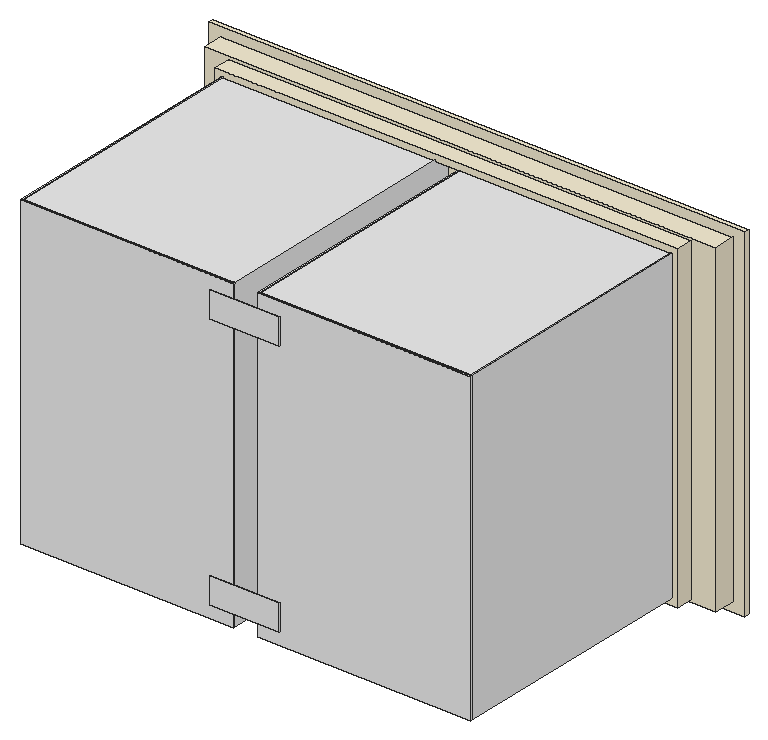
Revit family "4C-5_Door_High_Units_FL.rfa", category Specialty Equipment, host Wall, Revit 2016
Family settings
  Host = Wall
  Part Type = Normal
  Round Connector Dimension = Use Diameter
  Always vertical = Yes
  Cut with Voids When Loaded = No
  Shared = No
  Room Calculation Point = No
Parameters (values of type "3705D-08 FL")
  Width = 31.09766"
  Visible Door Number [instance] = yes
  Vertical Center Divider = yes
  Version = "2.0 (08/09/16)"
  Type Comments = "4C Standard Horizontal Mailbox - Front Loading"
  Top Back Plate = yes
  Right Inside Wall = yes
  Model = "3705D-08 FL"
  MasterFormat Title = "Postal Specialties"
  MasterFormat Number = "10 55 00"
  Manufacturer = "Salsbury Industries"
  Lock Material = Stainless Steel -Salsbury Finish =  Polished
  Left Inside Wall = yes
  Latch Locks - Right Side = no
  Latch Locks - Left Side = no
  Latch Alignment = 14.85742"
  Keynote = ""
  Height = 19.970"
  Front Panel Material [instance] = Aluminum - Salsbury Finish = Sandstone
  Door Slot R5 Number [instance] = "8"
  Door Slot R5 = 3700 Series 4C Door Configurations : MB1 Door w/ Divider
  Door Slot R4 Number [instance] = "7"
  Door Slot R4 = 3700 Series 4C Door Configurations : MB1 Door w/ Divider
  Door Slot R3 Number [instance] = "0"
  Door Slot R3 = 3700 Series 4C OM2 Configuration : OM2-FL
  Door Slot R2 Number [instance] = "0"
  Door Slot R2 = 3700 Series 4C Door Configurations : Empty
  Door Slot R1 Number [instance] = "6"
  Door Slot R1 = 3700 Series 4C Door Configurations : MB1 Door
  Door Slot L5 Number [instance] = "5"
  Door Slot L5 = 3700 Series 4C Door Configurations : MB1 Door w/ Divider
  Door Slot L4 Number [instance] = "4"
  Door Slot L4 = 3700 Series 4C Door Configurations : MB1 Door w/ Divider
  Door Slot L3 Number [instance] = "3"
  Door Slot L3 = 3700 Series 4C Door Configurations : MB1 Door w/ Divider
  Door Slot L2 Number [instance] = "2"
  Door Slot L2 = 3700 Series 4C Door Configurations : MB1 Door w/ Divider
  Door Slot L1 Number [instance] = "1"
  Door Slot L1 = 3700 Series 4C Door Configurations : MB1 Door
  Description = "5 Door High Unit: 8 MB1, OM2"
  Depth = 17.025"
  Center Extrusion Offset [instance] = 0.000"
  Bottom Back Plate = yes
  Back Enclosure Material = Aluminum - Salsbury Finish = Anodized
  Assembly Code = "C1030910"
  Above Finished Floor (AFF-Bottom of Unit) [instance] = 26.683"
  Above Finished Floor (AFF-Bottom of Door) [instance] = 28.000"
Reference planes (in)
  plane 1 "Wall Centerline": y = 0
  plane 2 "Center (Left/Right)": x = 0
  plane 3 "Front": y = 3
  plane 4 "15" AFF": z = 28
  plane 5 "28" AFF": z = 28
  plane 6 "36" AFF": z = 36
  plane 7 "48" AFF": z = 48
  plane 8 "Bottom of Unit": z = 26.683
  plane 9 "Top of Unit": z = 46.653
  plane 10 "Left Side of Unit": x = 15.54883
  plane 11 "Right Side of Unit": x = -15.54883
  plane 12 "28" AFF_Bottom of Unit": z = 26.683
  plane 13 "Top Horiz Trim Align": z = 45.82225
  plane 14 "Bottom Horiz Trim Align": z = 27.515
  plane 15 "Left Trim Align": x = 14.716
  plane 16 "Right Trim Align": x = -14.716
  plane 17 "Left Door Align": x = 14.06641
  plane 18 "Right Door Align": x = -14.06641
  plane 19 "Top Horiz Door Align": z = 45.23125
  plane 20 "Bottom Horiz Door Align": z = 28
  plane 21 "Front Face of Unit": y = 3.265
  plane 22 "Top Housing Align": z = 46.149
  plane 23 "Top Collar Align": z = 46.001
  plane 24 "Top Box Align": z = 45.646
  plane 25 "Vertical Housing Align": y = 1.795
  plane 26 "Vertical Collar Align": y = 0.795
  plane 27 "Back of Unit": y = -13.76
  plane 28 "Bottom Housing Align": z = 27.187
  plane 29 "Bottom Collar Align": z = 27.335
  plane 30 "Bottom Box Align": z = 27.75
  plane 31 "Door Alignment": y = 2.66809
  plane 32 "Right Housing Align": x = -14.84183
  plane 33 "Right Collar Align": x = -13.40883
  plane 34 "Right Box Side Align": x = -13.08083
  plane 35 "Left Housing Align": x = 14.84183
  plane 36 "Left Collar Align": x = 13.40883
  plane 37 "Left Side Box Align": x = 13.08083
  plane 38 "Top Back Plate Align": z = 44.867
  plane 39 "Back": y = -3
  plane 40 "RO Left Side": x = 15.17383
  plane 41 "RO Right Side": x = -15.17383
  plane 42 "RO Bottom": z = 27.058
  plane 43 "RO Top": z = 46.278
  plane 44 "Horiz Centerline": z = 42.04237
  plane 45: x = 12.99983
  plane 46: x = 12.92758
  plane 47 "Center Extrusion": x = 0
  plane 48 "Center Extrusion Offset": x = 0
  plane 49 "Row 2 Top Align": z = 42
  plane 50 "Row 5 Top Align": z = 31.5
  plane 51 "Row 4 Top Align": z = 35
  plane 52 "Row 3 Top Align": z = 38.5
  plane 53 "Top of base shelf": z = 28.41625
  plane 54 "base shelf void": z = 28.23439
  plane 55: z = 29.999
  plane 56: z = 28.499
  plane 57 "bottom of base shelf": z = 27.88469
  plane 58 "Right Latch Align": x = -0.69141
  plane 59 "Left Latch Align": x = 0.69141
  plane 60 "Center Latch Align": z = 36.8
Forms (in)
  Extrusion 1, void
    sketch origin (0, 3, 0) x (1, 0, 0) y (0, 0, 1)
      loop
        line (15.17383, 46.278) -> (-15.17383, 46.278) -> (-15.17383, 27.058) -> (15.17383, 27.058) -> (15.17383, 46.278)
    from 0 to 15.27914
  Extrusion 2, solid, material "Aluminum - Salsbury Finish = Sandstone" <- "Front Panel Material"
    sketch origin (0, 3, 0) x (1, 0, 0) y (0, 0, 1)
      loop
        line (15.54883, 46.653) -> (-15.54883, 46.653) -> (-15.54883, 26.683) -> (15.54883, 26.683) -> (15.54883, 46.653)
    from -0.265 to 0
  Extrusion 3, void
    sketch origin (0, 3.265, 0.00774) x (0, 0, -1) y (-1, 0, 0)
      loop
        line (-45.81451, -14.716) -> (-27.50726, -14.716) -> (-27.50726, 14.716) -> (-45.81451, 14.716) -> (-45.81451, -14.716)
    from -0.265 to 0
  Extrusion 4, solid, material "Aluminum - Salsbury Finish = Sandstone" <- "Front Panel Material"
    sketch origin (14.98214, 3.265, -1.67978) x (0, 0, -1) y (-1, 0, 0)
      loop
        line (-47.50203, 29.69814) -> (-47.50203, 29.04855) -> (-29.19478, 29.04855) -> (-29.19478, 29.69814) -> (-47.50203, 29.69814)
    from 0 to -0.265
  Extrusion 5, solid, material "Aluminum - Salsbury Finish = Sandstone" <- "Front Panel Material"
    sketch origin (0, 3.265, 84.08475) x (0, 0, 1) y (1, 0, 0)
      loop
        line (-56.56975, 14.06641) -> (-56.56975, -14.06641) -> (-56.08475, -14.06641) -> (-56.08475, 14.06641) -> (-56.56975, 14.06641)
    from -0.265 to 0
  Extrusion 6, solid, material "Aluminum - Salsbury Finish = Sandstone" <- "Front Panel Material"
    sketch origin (0, 3, 84.08475) x (1, 0, 0) y (0, 0, 1)
      loop
        line (-14.84183, -56.89775) -> (14.84183, -56.89775) -> (14.84183, -37.93575) -> (-14.84183, -37.93575) -> (-14.84183, -56.89775)
    from 0 to 1.205
  Extrusion 7, solid, material "Aluminum - Salsbury Finish = Sandstone" <- "Front Panel Material"
    sketch origin (0, 1.795, 0) x (0, 0, 1) y (-1, 0, 0)
      loop
        line (27.335, 13.40883) -> (27.335, -13.40883) -> (46.001, -13.40883) -> (46.001, 13.40883) -> (27.335, 13.40883)
    from 0 to 1
  Extrusion 8, void
    sketch origin (0, 1.795, 0) x (0, 0, 1) y (-1, 0, 0)
      loop
        line (45.646, 13.08083) -> (27.75, 13.08083) -> (27.75, -13.08083) -> (45.646, -13.08083) -> (45.646, 13.08083)
    from 0 to 1
  Extrusion 9, solid, material "Aluminum - Salsbury Finish = Sandstone" <- "Front Panel Material"
    sketch origin (0, 3.265, 0) x (0, 0, -1) y (-1, 0, 0)
      loop
        line (-45.82225, -14.716) -> (-27.515, -14.716) -> (-27.515, -14.06641) -> (-45.82225, -14.06641) -> (-45.82225, -14.716)
    from 0 to -0.265
  Extrusion 10, solid, material "Aluminum - Salsbury Finish = Sandstone" <- "Front Panel Material"
    sketch origin (0, 3.265, 0) x (0, 0, -1) y (-1, 0, 0)
      loop
        line (-45.82225, -14.06641) -> (-45.23125, -14.06641) -> (-45.23125, 14.06641) -> (-45.82225, 14.06641) -> (-45.82225, -14.06641)
    from -0.265 to 0
  Extrusion 11, void
    sketch origin (0, 1.795, 0) x (0, 0, 1) y (-1, 0, 0)
      loop
        line (46.001, -13.40883) -> (46.001, 13.40883) -> (27.335, 13.40883) -> (27.335, -13.40883) -> (46.001, -13.40883)
    from -1.124 to 0
  Extrusion 12, void
    sketch origin (0, 3, 0) x (1, 0, 0) y (0, 0, 1)
      loop
        line (14.06641, 46.001) -> (-14.06641, 46.001) -> (-14.06641, 27.335) -> (14.06641, 27.335) -> (14.06641, 46.001)
    from 0 to 0.33191
  Extrusion 13, solid, material "Aluminum - Salsbury Finish = Anodized" <- "Back Enclosure Material"
    sketch origin (-0.54283, 1.795, 0) x (0, 0, 1) y (-1, 0, 0)
      loop
        line (45.646, 12.538) -> (27.75, 12.538) -> (27.75, 12.457) -> (45.646, 12.457) -> (45.646, 12.538)
    from 0 to 15.47297
  Extrusion 14, solid, material "Aluminum - Salsbury Finish = Anodized" <- "Back Enclosure Material", visible <- "Right Inside Wall"
    sketch origin (11.7675, 1.795, 0) x (0, 0, 1) y (-1, 0, 0)
      loop
        line (45.646, 12.538) -> (27.75, 12.538) -> (27.75, 12.457) -> (45.646, 12.457) -> (45.646, 12.538)
    from 0 to 15.47297
  Extrusion 15, solid, material "Aluminum - Salsbury Finish = Anodized" <- "Back Enclosure Material"
    sketch origin (0.54283, 1.795, 0) x (0, 0, 1) y (-1, 0, 0)
      loop
        line (45.646, -12.538) -> (45.646, -12.457) -> (27.75, -12.457) -> (27.75, -12.538) -> (45.646, -12.538)
    from 0 to 15.47297
  Extrusion 16, solid, material "Aluminum - Salsbury Finish = Anodized" <- "Back Enclosure Material", visible <- "Left Inside Wall"
    sketch origin (-11.7675, 1.795, 0) x (0, 0, 1) y (-1, 0, 0)
      loop
        line (45.646, -12.538) -> (45.646, -12.457) -> (27.75, -12.457) -> (27.75, -12.538) -> (45.646, -12.538)
    from 0 to 15.47297
  Extrusion 17, solid, material "Aluminum - Salsbury Finish = Anodized" <- "Back Enclosure Material"
    sketch origin (0, -13.76, 0) x (0, 0, 1) y (-1, 0, 0)
      loop
        line (45.646, 13.08083) -> (27.75, 13.08083) -> (27.75, -13.08083) -> (45.646, -13.08083) -> (45.646, 13.08083)
    from -0.08203 to 0
  Extrusion 18, solid, material "Aluminum - Salsbury Finish = Anodized" <- "Back Enclosure Material"
    sketch origin (0, 0, 45.646) x (0, 1, 0) y (-1, 0, 0)
      loop
        line (1.795, 12.99983) -> (-13.67797, 12.99983) -> (-13.67797, -12.99983) -> (1.795, -12.99983) -> (1.795, 12.99983)
    from -0.35871 to 0
  Extrusion 19, void
    sketch origin (0, 0, 45.646) x (0, 1, 0) y (-1, 0, 0)
      loop
        line (1.7325, 12.93342) -> (-13.61547, 12.93342) -> (-13.61547, -12.92758) -> (1.7325, -12.92758) -> (1.7325, 12.93342)
    from -0.0723 to -0.6459
  Extrusion 20, solid, material "Aluminum - Salsbury Finish = Anodized" <- "Back Enclosure Material"
    sketch origin (0, 0, 27.88469) x (-1, 0, 0) y (0, -1, 0)
      loop
        line (12.99983, -1.795) -> (12.99983, 13.67797) -> (-12.99983, 13.67797) -> (-12.99983, -1.795) -> (12.99983, -1.795)
    from 0.53156 to 0
  Extrusion 21, void
    sketch origin (0, 0, 27.88469) x (-1, 0, 0) y (0, -1, 0)
      loop
        line (12.93342, -1.7325) -> (12.93342, 13.61547) -> (-12.92758, 13.61547) -> (-12.92758, -1.7325) -> (12.93342, -1.7325)
    from 0.3497 to 0
  Extrusion 22, solid, material "Aluminum - Salsbury Finish = Anodized" <- "Back Enclosure Material", visible <- "Top Back Plate"
    sketch origin (0, -13.76, 0) x (0, 0, 1) y (-1, 0, 0)
      loop
        line (44.867, 2) -> (43.367, 2) -> (43.367, -2) -> (44.867, -2) -> (44.867, 2)
    from 0 to 0.08203
  Extrusion 23, solid, material "Aluminum - Salsbury Finish = Anodized" <- "Back Enclosure Material", visible <- "Bottom Back Plate"
    sketch origin (0, -13.76, 84.11475) x (0, 0, -1) y (1, 0, 0)
      loop
        line (55.61575, -2) -> (55.61575, 2) -> (54.11575, 2) -> (54.11575, -2) -> (55.61575, -2)
    from 0 to 0.08203
  Extrusion 24, void
    sketch origin (0, 0, 0) x (0, 0, 1) y (0, 1, 0)
      loop
        line (45.646, 1.795) -> (45.82225, 1.795) -> (45.82225, 3.265) -> (27.515, 3.265) -> (27.515, 1.795) -> (27.75, 1.795) -> (27.75, -13.76) -> (45.646, -13.76) -> (45.646, 1.795)
    from -0.69141 to 0.69141
  Extrusion 25, solid, material "Aluminum - Salsbury Finish = Sandstone" <- "Front Panel Material", visible <- "Vertical Center Divider"
    sketch origin (-0.77934, 3.265, 0) x (0, 0, -1) y (-1, 0, 0)
      loop
        line (-45.82225, -1.47075) -> (-27.515, -1.47075) -> (-27.515, -0.08794) -> (-45.82225, -0.08794) -> (-45.82225, -1.47075)
    from 0 to -1.47
Cuts and joins
  Extrusion 3, Extrusion 11, Extrusion 24 cuts Extrusion 2
  Extrusion 8, Extrusion 11, Extrusion 12, Extrusion 24 cuts Extrusion 5
  Extrusion 8, Extrusion 12, Extrusion 19, Extrusion 24 cuts Extrusion 7
  Extrusion 11, Extrusion 12, Extrusion 24 cuts Extrusion 10
  Extrusion 11, Extrusion 12 cuts Extrusion 6
  Extrusion 12 cuts Extrusion 4
  Extrusion 12 cuts Extrusion 9
  Extrusion 19, Extrusion 21, Extrusion 24 cuts Extrusion 18
  Extrusion 21, Extrusion 24 cuts Extrusion 20
  Extrusion 24 cuts Extrusion 17
  Extrusion 24 cuts Extrusion 22
  Extrusion 24 cuts Extrusion 23
Lines and regions (in)
  model lines
    curve 1: line (15.54883, 3.265, 46.653) -> (14.716, 3.265, 45.82017)
    curve 2: line (-15.54883, 3.265, 46.653) -> (-14.716, 3.265, 45.82017)
    curve 3: line (-15.54883, 3.265, 26.683) -> (-14.716, 3.265, 27.51583)
    curve 4: line (15.54883, 3.265, 26.683) -> (14.716, 3.265, 27.51583)
  reference lines
    curve 5: line (-14.06641, 2.66809, 25.683) -> (-14.06641, 2.66809, 50.93425)
    curve 6: line (14.06641, 2.66809, 26.183) -> (14.06641, 2.66809, 50.93425)
Text (in)
  text "Placement Side" at (0, 40.15149, 123.01588), in view "Right"
  text "Placement Side" at (-58.6842, 42.74981, 0), in view "Ref. Level"
  text "Placement Side" at (0, 47.49176, 140.59947), in view "Left"
Dimensions and locks (in)
  locked: plane 3 "Front" to host wall
  "Above Finished Floor (AFF-Bottom of Door)": level to plane 4 "15" AFF"
  locked: level to plane 5 "28" AFF" at 28
  locked: level to plane 6 "36" AFF" at 36
  locked: level to plane 7 "48" AFF" at 48
  equal spacing: plane 11 "Right Side of Unit", plane 2 "Center (Left/Right)", plane 10 "Left Side of Unit"
  plane 8 "Bottom of Unit" to plane 4 "15" AFF" = 1.317"
  "Width": plane 11 "Right Side of Unit" to plane 10 "Left Side of Unit"
  "Height": plane 8 "Bottom of Unit" to plane 9 "Top of Unit"
  plane 12 "28" AFF_Bottom of Unit" to plane 5 "28" AFF" = 1.317"
  locked: plane 15 "Left Trim Align" to plane 10 "Left Side of Unit" at 0.83283
  locked: plane 16 "Right Trim Align" to plane 11 "Right Side of Unit" at 0.83283
  locked: plane 13 "Top Horiz Trim Align" to plane 9 "Top of Unit" at 0.83075
  locked: plane 8 "Bottom of Unit" to plane 14 "Bottom Horiz Trim Align" at 0.832
  plane 17 "Left Door Align" to plane 15 "Left Trim Align" = 0.64959"
  plane 18 "Right Door Align" to plane 16 "Right Trim Align" = 0.64959"
  locked: plane 19 "Top Horiz Door Align" to plane 13 "Top Horiz Trim Align" at 0.591
  locked: plane 14 "Bottom Horiz Trim Align" to plane 20 "Bottom Horiz Door Align" at 0.485
  plane 20 "Bottom Horiz Door Align" to level = 28.000"
  plane 5 "28" AFF" to level = 28.000"
  plane 6 "36" AFF" to level = 36.000"
  plane 7 "48" AFF" to level = 48.000"
  plane 9 "Top of Unit" to plane 8 "Bottom of Unit" = 19.970"
  plane 21 "Front Face of Unit" to host wall = 0.265"
  locked: host wall to plane 25 "Vertical Housing Align" at 1.205
  locked: plane 25 "Vertical Housing Align" to plane 26 "Vertical Collar Align" at 1
  plane 25 "Vertical Housing Align" to plane 27 "Back of Unit" = 15.555"
  "Depth": plane 21 "Front Face of Unit" to plane 27 "Back of Unit"
  locked: plane 9 "Top of Unit" to plane 22 "Top Housing Align" at 0.504
  locked: plane 22 "Top Housing Align" to plane 23 "Top Collar Align" at 0.148
  locked: plane 23 "Top Collar Align" to plane 24 "Top Box Align" at 0.355
  locked: plane 28 "Bottom Housing Align" to plane 8 "Bottom of Unit" at 0.504
  locked: plane 29 "Bottom Collar Align" to plane 28 "Bottom Housing Align" at 0.148
  locked: plane 30 "Bottom Box Align" to plane 29 "Bottom Collar Align" at 0.415
  plane 24 "Top Box Align" to plane 30 "Bottom Box Align" = 17.896"  (x2)
  locked: plane 21 "Front Face of Unit" to plane 31 "Door Alignment" at 0.59691
  plane 11 "Right Side of Unit" to plane 32 "Right Housing Align" to plane 33 "Right Collar Align" to plane 34 "Right Box Side Align" = 0.707" locked, 1.433" locked, 0.328" locked
  plane 37 "Left Side Box Align" to plane 36 "Left Collar Align" to plane 35 "Left Housing Align" to plane 10 "Left Side of Unit" = 0.328" locked, 1.433" locked, 0.707" locked
  plane 11 "Right Side of Unit" to plane 32 "Right Housing Align" to plane 33 "Right Collar Align" to plane 34 "Right Box Side Align" = 0.707", 1.433", 0.328"
  plane 37 "Left Side Box Align" to plane 36 "Left Collar Align" to plane 35 "Left Housing Align" to plane 10 "Left Side of Unit" = 0.328", 1.433", 0.707"
  plane 9 "Top of Unit" to plane 24 "Top Box Align" = 1.007"
  plane 30 "Bottom Box Align" to plane 8 "Bottom of Unit" = 1.067"
  locked: plane 24 "Top Box Align" to plane 38 "Top Back Plate Align" at 0.779
  locked: plane 40 "RO Left Side" to plane 10 "Left Side of Unit" at 0.375
  locked: plane 41 "RO Right Side" to plane 11 "Right Side of Unit" at 0.375
  locked: plane 8 "Bottom of Unit" to plane 42 "RO Bottom" at 0.375
  locked: plane 43 "RO Top" to plane 9 "Top of Unit" at 0.375
  Extrusion 13 to Extrusion 13 = 0.081"
  Extrusion 15 to Extrusion 15 = 0.081"
  plane 45 to plane 37 "Left Side Box Align" = 0.081"
  plane 46 to plane 45 = 0.07225"
  plane 18 "Right Door Align" to plane 17 "Left Door Align" = 28.13281"
  "Center Extrusion Offset": plane 47 "Center Extrusion" to plane 48 "Center Extrusion Offset"
  plane 20 "Bottom Horiz Door Align" to plane 50 "Row 5 Top Align" to plane 51 "Row 4 Top Align" to plane 52 "Row 3 Top Align" to plane 49 "Row 2 Top Align" = 3.500" locked, 3.500" locked, 3.500" locked, 3.500" locked
  plane 53 "Top of base shelf" to plane 54 "base shelf void" to plane 57 "bottom of base shelf" to plane 30 "Bottom Box Align" = 0.18186" locked, 0.3497" locked, 0.13469" locked
  plane 55 to plane 56 to plane 8 "Bottom of Unit" = 1.500" locked, 1.816" locked
  "Above Finished Floor (AFF-Bottom of Unit)": level to plane 8 "Bottom of Unit"
  locked: plane 58 "Right Latch Align" to plane 59 "Left Latch Align" at 1.38281
  plane 60 "Center Latch Align" to plane 30 "Bottom Box Align" = 9.050"
  "Latch Alignment": plane 11 "Right Side of Unit" to plane 58 "Right Latch Align"
  aligned and locked: plane 8 "Bottom of Unit" to Extrusion 2 sketch curve
  aligned and locked: plane 10 "Left Side of Unit" to Extrusion 2 sketch curve
  aligned and locked: Extrusion 2 sketch curve to plane 11 "Right Side of Unit"
  aligned and locked: Extrusion 2 sketch curve to plane 9 "Top of Unit"
  aligned and locked: plane 21 "Front Face of Unit" to Extrusion 2
  aligned and locked: Extrusion 4 to plane 16 "Right Trim Align"
  aligned and locked: plane 18 "Right Door Align" to Extrusion 4
  aligned and locked: plane 13 "Top Horiz Trim Align" to Extrusion 4
  aligned and locked: Extrusion 5 to plane 14 "Bottom Horiz Trim Align"
  aligned and locked: Extrusion 5 to plane 17 "Left Door Align"
  aligned and locked: plane 20 "Bottom Horiz Door Align" to Extrusion 5
  aligned and locked: Extrusion 5 to plane 18 "Right Door Align"
  aligned and locked: plane 34 "Right Box Side Align" to Extrusion 17 sketch curve
  aligned and locked: Extrusion 17 sketch curve to plane 24 "Top Box Align"
  aligned and locked: Extrusion 17 sketch curve to plane 37 "Left Side Box Align"
  aligned and locked: plane 30 "Bottom Box Align" to Extrusion 17 sketch curve
  aligned and locked: plane 25 "Vertical Housing Align" to Extrusion 18 sketch curve
  aligned and locked: Extrusion 18 sketch curve to plane 45
  aligned and locked: plane 46 to Extrusion 19
  aligned and locked: plane 45 to cut or joined group of Extrusion 18, Extrusion 19, Extrusion 21, Extrusion 24
  aligned and locked: plane 25 "Vertical Housing Align" to Extrusion 20 sketch curve
  aligned and locked: Extrusion 20 sketch curve to plane 45
  aligned and locked: plane 46 to cut or joined group of Extrusion 20, Extrusion 21, Extrusion 24
  aligned and locked: plane 17 "Left Door Align" to cut or joined group of Extrusion 9, Extrusion 12
  aligned and locked: plane 25 "Vertical Housing Align" to Extrusion 25
  aligned and locked: plane 21 "Front Face of Unit" to Extrusion 25
  aligned and locked: nested 6 to plane 17 "Left Door Align"
  aligned and locked: plane 31 "Door Alignment" to nested 6  (x2)
  aligned and locked: nested 7 to plane 17 "Left Door Align"
  aligned and locked: plane 31 "Door Alignment" to nested 7  (x2)
  aligned and locked: nested 5 to curve 5
  aligned and locked: nested 3 to curve 5
  aligned and locked: nested 10 to curve 6
  aligned and locked: nested 9 to curve 6
  aligned and locked: nested 8 to curve 6
  aligned and locked: nested 7 to curve 6
  aligned and locked: nested 6 to curve 6
  aligned and locked: plane 31 "Door Alignment" to nested 5
  aligned and locked: plane 31 "Door Alignment" to nested 3
  aligned and locked: plane 31 "Door Alignment" to nested 8
  aligned and locked: plane 31 "Door Alignment" to nested 10
  aligned and locked: plane 31 "Door Alignment" to nested 2
  aligned and locked: plane 31 "Door Alignment" to nested 4
  aligned and locked: nested 1 to curve 5
  aligned and locked: nested 2 to curve 5
  aligned and locked: nested 4 to curve 5
  aligned and locked: plane 31 "Door Alignment" to nested 1
  aligned and locked: cut or joined group of Extrusion 23, Extrusion 24 to plane 56
  aligned and locked: plane 53 "Top of base shelf" to cut or joined group of Extrusion 20, Extrusion 21, Extrusion 24
  aligned and locked: cut or joined group of Extrusion 20, Extrusion 21, Extrusion 24 to plane 57 "bottom of base shelf"
  aligned and locked: plane 20 "Bottom Horiz Door Align" to nested 5
  aligned and locked: plane 20 "Bottom Horiz Door Align" to nested 10
  aligned and locked: plane 50 "Row 5 Top Align" to nested 4
  aligned and locked: plane 50 "Row 5 Top Align" to nested 9
  aligned and locked: plane 51 "Row 4 Top Align" to nested 3
  aligned and locked: plane 51 "Row 4 Top Align" to nested 8
  aligned and locked: plane 52 "Row 3 Top Align" to nested 2
  aligned and locked: plane 52 "Row 3 Top Align" to nested 7
  aligned and locked: plane 49 "Row 2 Top Align" to nested 1
  aligned and locked: plane 49 "Row 2 Top Align" to nested 6
  aligned and locked: plane 31 "Door Alignment" to nested 9
  aligned and locked: nested 12 to plane 27 "Back of Unit"
  aligned and locked: nested 11 to plane 27 "Back of Unit"
  aligned and locked: plane 60 "Center Latch Align" to nested 12
  aligned and locked: plane 60 "Center Latch Align" to nested 11
  aligned and locked: plane 59 "Left Latch Align" to nested 12
  aligned and locked: plane 58 "Right Latch Align" to nested 11
Automatic sketch dimensions
  Extrusion 1 sketch curve to plane 41 "RO Right Side" = 0.000"
  plane 40 "RO Left Side" to Extrusion 1 sketch curve = 0.000"
  Extrusion 1 sketch curve to plane 42 "RO Bottom" = 0.000"
  Extrusion 1 sketch curve to plane 43 "RO Top" = 0.000"
  Extrusion 6 sketch curve to plane 22 "Top Housing Align" = 0.000"
  Extrusion 6 sketch curve to plane 32 "Right Housing Align" = 0.000"
  Extrusion 6 sketch curve to plane 35 "Left Housing Align" = 0.000"
  Extrusion 6 sketch curve to plane 28 "Bottom Housing Align" = 0.000"
  Extrusion 7 sketch curve to plane 29 "Bottom Collar Align" = 0.000"
  Extrusion 7 sketch curve to plane 23 "Top Collar Align" = 0.000"
  plane 36 "Left Collar Align" to Extrusion 7 sketch curve = 0.000"
  Extrusion 7 sketch curve to plane 33 "Right Collar Align" = 0.000"
  Extrusion 8 sketch curve to plane 30 "Bottom Box Align" = 0.000"
  Extrusion 8 sketch curve to plane 24 "Top Box Align" = 0.000"
  Extrusion 8 sketch curve to plane 37 "Left Side Box Align" = 0.000"
  plane 34 "Right Box Side Align" to Extrusion 8 sketch curve = 0.000"
  Extrusion 11 sketch curve to plane 29 "Bottom Collar Align" = 0.000"
  Extrusion 11 sketch curve to plane 23 "Top Collar Align" = 0.000"
  plane 36 "Left Collar Align" to Extrusion 11 sketch curve = 0.000"
  plane 33 "Right Collar Align" to Extrusion 11 sketch curve = 0.000"
  Extrusion 13 sketch curve to plane 30 "Bottom Box Align" = 0.000"
  Extrusion 13 sketch curve to plane 24 "Top Box Align" = 0.000"
  plane 34 "Right Box Side Align" to Extrusion 13 sketch curve = 0.000"
  Extrusion 13 sketch curve to Extrusion 13 sketch curve = 0.081"
  Extrusion 15 sketch curve to plane 30 "Bottom Box Align" = 0.000"
  Extrusion 15 sketch curve to plane 24 "Top Box Align" = 0.000"
  plane 37 "Left Side Box Align" to Extrusion 15 sketch curve = 0.000"
  plane 37 "Left Side Box Align" to Extrusion 15 sketch curve = 0.081"
  Extrusion 18 sketch curve to plane 27 "Back of Unit" = 0.08203"
  plane 34 "Right Box Side Align" to Extrusion 18 sketch curve = 0.081"
  curve 2 to plane 9 "Top of Unit" = 0.000"
  curve 1 to plane 9 "Top of Unit" = 0.000"
  curve 2 to plane 16 "Right Trim Align" = 0.000"
  plane 15 "Left Trim Align" to curve 1 = 0.000"
  curve 3 to plane 16 "Right Trim Align" = 0.000"
  plane 15 "Left Trim Align" to curve 4 = 0.000"
  curve 4 to plane 8 "Bottom of Unit" = 0.000"
  curve 3 to plane 8 "Bottom of Unit" = 0.000"
  plane 10 "Left Side of Unit" to curve 4 = 0.000"
  plane 10 "Left Side of Unit" to curve 1 = 0.000"
  plane 11 "Right Side of Unit" to curve 3 = 0.000"
  plane 11 "Right Side of Unit" to curve 2 = 0.000"
  curve 2 to plane 13 "Top Horiz Trim Align" = 0.00208"
  curve 1 to plane 13 "Top Horiz Trim Align" = 0.00208"
  plane 14 "Bottom Horiz Trim Align" to curve 3 = 0.00083"
  plane 14 "Bottom Horiz Trim Align" to curve 4 = 0.00083"
  Extrusion 3 sketch curve to plane 13 "Top Horiz Trim Align" = 0.000"
  Extrusion 3 sketch curve to plane 14 "Bottom Horiz Trim Align" = 0.000"
  plane 15 "Left Trim Align" to Extrusion 3 sketch curve = 0.000"
  Extrusion 3 sketch curve to plane 16 "Right Trim Align" = 0.000"
  plane 13 "Top Horiz Trim Align" to Extrusion 4 sketch curve = 0.000"
  plane 14 "Bottom Horiz Trim Align" to Extrusion 4 sketch curve = 0.000"
  Extrusion 4 sketch curve to plane 16 "Right Trim Align" = 0.000"
  Extrusion 4 sketch curve to plane 18 "Right Door Align" = 0.000"
  Extrusion 5 sketch curve to plane 14 "Bottom Horiz Trim Align" = 0.000"
  Extrusion 5 sketch curve to plane 4 "15" AFF" = 0.000"
  plane 17 "Left Door Align" to Extrusion 5 sketch curve = 0.000"
  Extrusion 5 sketch curve to plane 18 "Right Door Align" = 0.000"
  Extrusion 9 sketch curve to plane 13 "Top Horiz Trim Align" = 0.000"
  Extrusion 9 sketch curve to plane 14 "Bottom Horiz Trim Align" = 0.000"
  plane 15 "Left Trim Align" to Extrusion 9 sketch curve = 0.000"
  plane 17 "Left Door Align" to Extrusion 9 sketch curve = 0.000"
  Extrusion 10 sketch curve to plane 13 "Top Horiz Trim Align" = 0.000"
  plane 17 "Left Door Align" to Extrusion 10 sketch curve = 0.000"
  Extrusion 10 sketch curve to plane 18 "Right Door Align" = 0.000"
  Extrusion 10 sketch curve to plane 19 "Top Horiz Door Align" = 0.000"
  Extrusion 12 sketch curve to plane 18 "Right Door Align" = 0.000"
  plane 17 "Left Door Align" to Extrusion 12 sketch curve = 0.000"
  Extrusion 12 sketch curve to plane 29 "Bottom Collar Align" = 0.000"
  Extrusion 12 sketch curve to plane 23 "Top Collar Align" = 0.000"
  Extrusion 14 sketch curve to plane 30 "Bottom Box Align" = 0.000"
  Extrusion 14 sketch curve to plane 24 "Top Box Align" = 0.000"
  Extrusion 14 sketch curve to plane 2 "Center (Left/Right)" = 0.6895"
  Extrusion 14 sketch curve to Extrusion 14 sketch curve = 0.081"
  Extrusion 16 sketch curve to plane 30 "Bottom Box Align" = 0.000"
  Extrusion 16 sketch curve to plane 24 "Top Box Align" = 0.000"
  Extrusion 16 sketch curve to plane 2 "Center (Left/Right)" = 0.6895"
  Extrusion 16 sketch curve to Extrusion 16 sketch curve = 0.081"
  Extrusion 19 sketch curve to plane 46 = 0.000"
  Extrusion 19 sketch curve to plane 27 "Back of Unit" = 0.14453"
  plane 25 "Vertical Housing Align" to Extrusion 19 sketch curve = 0.0625"
  plane 34 "Right Box Side Align" to Extrusion 19 sketch curve = 0.14741"
  Extrusion 22 sketch curve to plane 38 "Top Back Plate Align" = 0.000"
  plane 38 "Top Back Plate Align" to Extrusion 22 sketch curve = 1.500"
  plane 2 "Center (Left/Right)" to Extrusion 22 sketch curve = 2.000"
  Extrusion 22 sketch curve to plane 2 "Center (Left/Right)" = 2.000"
  Extrusion 23 sketch curve to plane 2 "Center (Left/Right)" = 2.000"
  plane 2 "Center (Left/Right)" to Extrusion 23 sketch curve = 2.000"
  Extrusion 24 sketch curve to plane 14 "Bottom Horiz Trim Align" = 0.000"
  Extrusion 24 sketch curve to plane 25 "Vertical Housing Align" = 0.000"  (x2)
  Extrusion 24 sketch curve to plane 30 "Bottom Box Align" = 0.000"
  Extrusion 24 sketch curve to plane 24 "Top Box Align" = 0.000"
  Extrusion 24 sketch curve to plane 13 "Top Horiz Trim Align" = 0.000"
  Extrusion 24 sketch curve to plane 27 "Back of Unit" = 0.000"
  Extrusion 24 sketch curve to plane 21 "Front Face of Unit" = 0.000"
  Extrusion 25 sketch curve to plane 13 "Top Horiz Trim Align" = 0.000"
  Extrusion 25 sketch curve to plane 14 "Bottom Horiz Trim Align" = 0.000"
  plane 2 "Center (Left/Right)" to Extrusion 25 sketch curve = 0.69141"
  Extrusion 25 sketch curve to plane 2 "Center (Left/Right)" = 0.69141"
  curve 5 to plane 18 "Right Door Align" = 0.000"
  plane 17 "Left Door Align" to curve 6 = 0.000"
  curve 5 to plane 8 "Bottom of Unit" = 1.000"
  curve 6 to plane 8 "Bottom of Unit" = 0.500"
  plane 9 "Top of Unit" to curve 6 = 4.28125"
  plane 9 "Top of Unit" to curve 5 = 4.28125"
  Extrusion 23 sketch curve to plane 4 "15" AFF" = 0.499"
  Extrusion 23 sketch curve to Extrusion 23 sketch curve = 1.500"
  plane 34 "Right Box Side Align" to Extrusion 20 sketch curve = 0.081"
  Extrusion 20 sketch curve to plane 27 "Back of Unit" = 0.08203"
  Extrusion 21 sketch curve to plane 46 = 0.000"
  plane 34 "Right Box Side Align" to Extrusion 21 sketch curve = 0.14741"
  plane 25 "Vertical Housing Align" to Extrusion 21 sketch curve = 0.0625"
  Extrusion 21 sketch curve to plane 27 "Back of Unit" = 0.14453"
Nested families (in)
  nested 1: "3700 Series 4C Door Configurations" at (-7.37891, 2.79505, 42) x (-1, 0, 0) z (0, 0, 1), type <- "Door Slot R1", Door Number <- "Door Slot R1 Number", type "MB1 Door"
    with Door Number "6"
  nested 2: "3700 Series 4C Door Configurations" at (-7.37891, 2.79505, 38.5) x (-1, 0, 0) z (0, 0, 1), type <- "Door Slot R2", Door Number <- "Door Slot R2 Number", type "Empty"
    with Door Number "0"
  nested 3: "3700 Series 4C OM2 Configuration" at (-7.37891, 2.79505, 35) x (-1, 0, 0) z (0, 0, 1), type <- "Door Slot R3", Door Number <- "Door Slot R3 Number", type "OM2-FL"
    with Door Number "0"
  nested 4: "3700 Series 4C Door Configurations" at (-7.37891, 2.79505, 31.5) x (-1, 0, 0) z (0, 0, 1), type <- "Door Slot R4", Door Number <- "Door Slot R4 Number", type "MB1 Door w/ Divider"
    with Door Number "7"
  nested 5: "3700 Series 4C Door Configurations" at (-7.37891, 2.79505, 28) x (-1, 0, 0) z (0, 0, 1), type <- "Door Slot R5", Door Number <- "Door Slot R5 Number", type "MB1 Door w/ Divider"
    with Door Number "8"
  nested 6: "3700 Series 4C Door Configurations" at (7.37891, 2.79505, 42) x (-1, 0, 0) z (0, 0, 1), type <- "Door Slot L1", Door Number <- "Door Slot L1 Number", type "MB1 Door"
    with Door Number "1"
  nested 7: "3700 Series 4C Door Configurations" at (7.37891, 2.79505, 38.5) x (-1, 0, 0) z (0, 0, 1), type <- "Door Slot L2", Door Number <- "Door Slot L2 Number", type "MB1 Door w/ Divider"
    with Door Number "2"
  nested 8: "3700 Series 4C Door Configurations" at (7.37891, 2.79505, 35) x (-1, 0, 0) z (0, 0, 1), type <- "Door Slot L3", Door Number <- "Door Slot L3 Number", type "MB1 Door w/ Divider"
    with Door Number "3"
  nested 9: "3700 Series 4C Door Configurations" at (7.37891, 2.79505, 31.5) x (-1, 0, 0) z (0, 0, 1), type <- "Door Slot L4", Door Number <- "Door Slot L4 Number", type "MB1 Door w/ Divider"
    with Door Number "4"
  nested 10: "3700 Series 4C Door Configurations" at (7.37891, 2.79505, 28) x (-1, 0, 0) z (0, 0, 1), type <- "Door Slot L5", Door Number <- "Door Slot L5 Number", type "MB1 Door w/ Divider"
    with Door Number "5"
  nested 11: "4C Latch Lock-Right" at (-1.81641, -13.882, 36.1125) x (-1, 0, 0) z (0, 0, 1), type "Lock Latch"
    with Visible Latch no
  nested 12: "4C Latch Lock-Left" at (1.81641, -13.882, 36.1125) x (-1, 0, 0) z (0, 0, 1), type "Lock Latch"
    with Visible Latch no
Definition of nested family "3700 Series 4C Door Configurations"
  Parameters (values of type "MB1 Door w/ Divider")
    Weight = "5 lbs."
    Visible Door Number = yes
    URL = ""
    Model = "3700MB1"
    Manufacturer = "Salsbury Industries"
    Lock Material = none
    Inset Offset = 0.000"
    Front Panel Material = none
    Door Width = 13.375"
    Door Visibility-MB1 = yes
    Door Number [instance] = "101"
    Door Lock = yes
    Door Height = 3.23047"
    Door Divider = yes
    Door Depth = 0.25391"
    Description = "MB1 Door for 3700 Series 4C Mailboxes"
    Cost = 0
    Center Lock-Vertical = 0.875"
    Center Lock-Horizontal = 1.61523"
  Types (11): name | Weight | Visible Door Number | Model | Inset Offset | Door Visibility-MB1 | Door Lock | Door Height | Door Divider | Description
    MB1 Door w/ Divider | "5 lbs." | yes | "3700MB1" | 0.000" | yes | yes | 3.23047" | yes | "MB1 Door for 3700 Series 4C Mailboxes"
    MB1 Door | "5 lbs." | yes | "3700MB1" | 0.000" | yes | yes | 3.23047" | no | "MB1 Door for 3700 Series 4C Mailboxes"
    MB2 Door | "10 lbs." | yes | "3700MB2" | 0.000" | yes | yes | 6.73047" | no | "MB2 Door for 3700 Series 4C Mailboxes"
    MB2 Door w/ Divider | "10 lbs." | yes | "3700MB2" | 0.000" | yes | yes | 6.73047" | yes | "MB2 Door for 3700 Series 4C Mailboxes"
    MB3 Door | "15 lbs." | yes | "3700MB3" | 0.000" | yes | yes | 10.23047" | no | "MB3 Door for 3700 Series 4C Mailboxes"
    MB3 Door w/ Divider | "15 lbs." | yes | "3700MB3" | 0.000" | yes | yes | 10.23047" | yes | "MB3 Door for 3700 Series 4C Mailboxes"
    MB4 Door | "20 lbs." | yes | "3700MB4" | 0.000" | yes | yes | 13.73047" | no | "MB4 Door for 3700 Series 4C Mailboxes"
    MB4 Door w/ Divider | "20 lbs." | yes | "3700MB4" | 0.000" | yes | yes | 13.73047" | yes | "MB4 Door for 3700 Series 4C Mailboxes"
    Blank Door | "5 lbs." | no | "3700MB1" | 0.18359" | yes | no | 3.23047" | no | "MB1 Door for 3700 Series 4C Mailboxes"
    Blank Door w/ Divider | "5 lbs." | no | "3700MB1" | 0.18402" | yes | no | 3.23047" | yes | "MB1 Door for 3700 Series 4C Mailboxes"
    Empty | "5 lbs." | no | "Empty MB1" | 0.18359" | no | no | 3.23047" | no | "Empty MB1 Door for 3700 Series 4C Mailboxes"
  Reference planes (in)
    plane 1 "Center (Front/Back)": y = 0
    plane 2 "Bottom of Door": z = 0
    plane 3 "Center (Left/Right)": x = 0
    plane 4 "Left Side Face of Door": x = -6.6875
    plane 5 "Right Side Face of Door": x = 6.6875
    plane 6 "Back Face of Door": y = 0.12695
    plane 7 "Front Face of Door": y = -0.12695
    plane 8: z = 3.23047
    plane 9: z = 1.61523
    plane 10 "Face of Divider": y = -0.46995
    plane 11 "Center Lock Vertical": x = -5.8125
    plane 12 "Center Lock Horizontal": z = 1.61523
    plane 13 "Face of Lock": y = -0.42383
    plane 14 "Divider Height Align": z = 3.50047
    plane 15 "Inset Center": x = -0.0975
    plane 16 "Inset Offset": y = -0.12695
    plane 17: z = 1.99038
    plane 18: z = 1.24072
  Forms (in)
    Extrusion 1, solid, material <- "Front Panel Material", visible <- "Door Visibility-MB1"
      sketch origin (0, 0, 0) x (1, 0, 0) y (0, 1, 0)
        loop
          line (-6.4355, 0.12695) -> (-6.6875, -0.05445) -> (-6.6875, -0.12695) -> (6.05625, -0.12695)
          arc (6.05625, -0.12695) -> (6.19558, -0.17661) -> (6.27209, -0.3032) r 0.22029
          arc (6.27209, -0.3032) -> (6.3553, -0.42132) -> (6.4925, -0.46664) r 0.23034
          arc (6.4925, -0.46664) -> (6.63039, -0.40952) -> (6.6875, -0.27164) r 0.195
          line (6.6875, -0.27164) -> (6.6875, 0.12695) -> (-6.4355, 0.12695)
      from 0 to 3.23047
    Blend 2, solid, material <- "Lock Material", visible <- "Door Lock"
      base sketch origin (0, -0.12695, 0) x (-1, 0, 0) y (0, 0, 1)
        loop
          circle (5.8125, 1.61523) r 0.525
      top sketch origin (0, -0.12695, 0) x (-1, 0, 0) y (0, 0, 1)
        loop
          circle (5.8125, 1.61523) r 0.485
      from 0 to -0.29688
    Extrusion 3, solid, material <- "Front Panel Material", visible <- "Door Divider"
      sketch origin (0, 0, 3.50047) x (-1, 0, 0) y (0, -1, 0)
        loop
          line (6.6875, -0.12695) -> (6.6875, 0.46995) -> (-6.6875, 0.46995) -> (-6.6875, -0.12695) -> (6.6875, -0.12695)
      from -0.27 to 0
    Extrusion 4, void
      sketch origin (0, -0.42383, 0) x (1, 0, 0) y (0, 0, 1)
        loop
          circle (-5.8125, 1.49523) r 0.285
      from 0 to -0.01562
    Extrusion 5, void
      sketch origin (0, -0.42383, 0) x (1, 0, 0) y (0, 0, 1)
        loop
          line (-5.84183, 1.62353) -> (-5.84183, 1.32353) -> (-5.78183, 1.32353) -> (-5.78183, 1.62353) -> (-5.84183, 1.62353)
      from 0 to -0.03906
    Extrusion 6, void
      sketch origin (0, -0.12695, 0) x (0, 0, 1) y (-1, 0, 0)
        loop
          arc (2.36523, 0.8475) -> (2.32862, 0.93589) -> (2.24023, 0.9725) r 0.125
          line (2.24023, 0.9725) -> (0.99023, 0.9725)
          arc (0.99023, 0.9725) -> (0.90185, 0.93589) -> (0.86523, 0.8475) r 0.125
          line (0.86523, 0.8475) -> (0.86523, -0.6525)
          arc (0.86523, -0.6525) -> (0.90185, -0.74089) -> (0.99023, -0.7775) r 0.125
          line (0.99023, -0.7775) -> (2.24023, -0.7775)
          arc (2.24023, -0.7775) -> (2.32862, -0.74089) -> (2.36523, -0.6525) r 0.125
          line (2.36523, -0.6525) -> (2.36523, 0.8475)
      from 0 to -0.03906
  Cuts and joins
    Extrusion 4, Extrusion 5 cuts Blend 2
    Extrusion 6 cuts Extrusion 1
  Dimensions and locks (in)
    equal spacing: plane 6 "Back Face of Door", plane 1 "Center (Front/Back)", plane 7 "Front Face of Door"
    "Door Depth": plane 6 "Back Face of Door" to plane 7 "Front Face of Door"
    equal spacing: plane 4 "Left Side Face of Door", plane 3 "Center (Left/Right)", plane 5 "Right Side Face of Door"  (x2)
    "Door Width": plane 4 "Left Side Face of Door" to plane 5 "Right Side Face of Door"
    locked: plane 7 "Front Face of Door" to plane 10 "Face of Divider" at 0.343
    "Center Lock-Vertical": plane 4 "Left Side Face of Door" to plane 11 "Center Lock Vertical"
    "Inset Offset": plane 16 "Inset Offset" to plane 7 "Front Face of Door"
    plane 4 "Left Side Face of Door" to plane 5 "Right Side Face of Door" = 13.375"
    plane 6 "Back Face of Door" to plane 10 "Face of Divider" = 0.59691"
    "Door Height": plane 8 to plane 2 "Bottom of Door"
    equal spacing: plane 8, plane 9, plane 2 "Bottom of Door"
    locked: plane 14 "Divider Height Align" to plane 8 at 0.27
    plane 17 to plane 9 to plane 18 = 0.37515" locked, 0.37452" locked
    aligned and locked: level to plane 2 "Bottom of Door"
    aligned and locked: plane 4 "Left Side Face of Door" to Extrusion 1
    aligned and locked: plane 6 "Back Face of Door" to Extrusion 1
    aligned and locked: plane 7 "Front Face of Door" to Extrusion 1
    aligned and locked: plane 8 to Extrusion 1
    aligned and locked: Extrusion 3 sketch curve to plane 4 "Left Side Face of Door"
    aligned and locked: Extrusion 3 sketch curve to plane 6 "Back Face of Door"
    aligned and locked: plane 5 "Right Side Face of Door" to Extrusion 3 sketch curve
    aligned and locked: Extrusion 3 to plane 8
    aligned and locked: plane 10 "Face of Divider" to Extrusion 3 sketch curve
    aligned and locked: plane 14 "Divider Height Align" to Extrusion 3
    aligned and locked: cut or joined group of Extrusion 1, Extrusion 6 to plane 2 "Bottom of Door"
    aligned and locked: plane 18 to text3d elem
  Automatic sketch dimensions
    Extrusion 1 sketch curve to plane 4 "Left Side Face of Door" = 0.000"
    Extrusion 1 sketch curve to plane 6 "Back Face of Door" = 0.000"
    Extrusion 1 sketch curve to plane 7 "Front Face of Door" = 0.000"
    Extrusion 1 sketch curve to plane 5 "Right Side Face of Door" = 0.000"
    Extrusion 1 sketch curve to plane 4 "Left Side Face of Door" = 0.252"
    plane 5 "Right Side Face of Door" to Extrusion 1 sketch curve = 0.63125"
    Extrusion 1 sketch curve to plane 7 "Front Face of Door" = 0.10935"
    plane 5 "Right Side Face of Door" to Extrusion 1 sketch curve = 0.195"
    Extrusion 1 sketch curve to plane 7 "Front Face of Door" = 0.14468"
    plane 10 "Face of Divider" to Extrusion 1 sketch curve = 0.12271"
    plane 1 "Center (Front/Back)" to Extrusion 1 sketch curve = 0.05445"
    plane 10 "Face of Divider" to Extrusion 1 sketch curve = 0.16676"
    Blend 2 sketch curve to plane 9 = 0.000"  (x2)
    plane 11 "Center Lock Vertical" to Blend 2 sketch curve = 0.000"  (x2)
    plane 11 "Center Lock Vertical" to Extrusion 4 sketch curve = 0.000"
    Extrusion 4 sketch curve to plane 9 = 0.120"
    Extrusion 4 sketch curve to Extrusion 4 sketch curve = 0.285"
    plane 11 "Center Lock Vertical" to Extrusion 5 sketch curve = 0.02933"
    Extrusion 5 sketch curve to plane 11 "Center Lock Vertical" = 0.03067"
    Extrusion 5 sketch curve to plane 9 = 0.2917"
    plane 9 to Extrusion 5 sketch curve = 0.0083"
    Extrusion 6 sketch curve to plane 9 = 0.750"
    Extrusion 6 sketch curve to Extrusion 6 sketch curve = 0.125"  (x3)
    plane 9 to Extrusion 6 sketch curve = 0.625"  (x2)
    plane 3 "Center (Left/Right)" to Extrusion 6 sketch curve = 0.7775"
    plane 15 "Inset Center" to Extrusion 6 sketch curve = 0.750"
    radius of Blend 2 sketch curve = 0.525"
    radius of Blend 2 sketch curve = 0.485"
Definition of nested family "3700 Series 4C OM2 Configuration"
  Parameters (values of type "OM2-FL")
    Weight = ""
    URL = ""
    Access Lock Offset = 0.000"
    Access Lock = yes
    Model = "3700OM2-FL"
    Manufacturer = "Salsbury Industries"
    Lock Material = none
    Front Panel Material = none
    Door Width = 13.375"
    Door Number [instance] = "101"
    Door Height = 7.00047"
    Door Depth = 0.25391"
    Description = "OM2 Door for 3700 Series 4C Mailboxes-Front Loading"
    Cost = 0
    Center Lock-Vertical = 2.360"
    Center Lock-Horizontal = 1.61523"
  Types (3): name | Access Lock Offset | Access Lock | Model | Description
    (no name) | 0.000" | yes | "3700OM2-FL" | "OM2 Door for 3700 Series 4C Mailboxes-Front Loading"
    OM2-FL | 0.000" | yes | "3700OM2-FL" | "OM2 Door for 3700 Series 4C Mailboxes-Front Loading"
    OM2-RL | 0.3125" | no | "3700OM2-RL" | "OM2 Door for 3700 Series 4C Mailboxes-Rear Loading"
  Reference planes (in)
    plane 1 "Center (Front/Back)": y = 0
    plane 2 "Bottom of Door": z = 0
    plane 3 "Center (Left/Right)": x = 0
    plane 4 "Left Side Face of Door": x = -6.6875
    plane 5 "Right Side Face of Door": x = 6.6875
    plane 6 "Back Face of Door": y = 0.12695
    plane 7 "Front Face of Door": y = -0.12695
    plane 8: z = 3.23047
    plane 9: z = 1.61523
    plane 10: y = -0.46995
    plane 11 "Center Lock Vertical": x = -4.3275
    plane 12 "Center Lock Horizontal": z = 1.61523
    plane 13 "Face of Lock": y = -0.42383
    plane 14 "Divider Height Align": z = 3.50047
    plane 15 "Plate Center": x = -0.16063
    plane 16 "Left Stud Align": x = -5.7025
    plane 17 "Right Stud Align": x = -2.8895
    plane 18 "Top Stud Align": z = 2.27147
    plane 19 "Bottom Stud Align": z = 0.95947
    plane 20 "Hinge Stud Align": x = 5.6875
    plane 21 "Mail Plate Top": z = 2.61547
    plane 22 "Mail Plate Bottom": z = 0.61547
    plane 23: x = -2.1595
    plane 24: x = 1.8405
    plane 25 "Face of Mail Plate": y = -0.16602
    plane 26 "Top of Mail Drop Door": z = 6.73094
    plane 27 "Top of Mail Drop Divider": z = 7.00047
    plane 28 "Face of Mail Drop": y = -0.31995
    plane 29 "Top of Mail Slot": z = 6.42087
    plane 30 "Bottom of Mail Slot": z = 5.67087
    plane 31 "Left Edge of Mail Slot": x = -5.3755
    plane 32 "Right Edge of Mail Slot": x = 5.3755
    plane 33 "Mail Slot Bottom Protusion": z = 6.50987
    plane 34: y = -0.49395
    plane 35: z = 6.15637
    plane 36 "Front of Awning": y = -1.63495
    plane 37: y = -1.15685
    plane 38 "Mail Slot Slope": through (-240, -0.44582, 6.9722) normal (0, -0.5, 0.866)
    plane 39 "Access Lock Offset": y = 0.12695
  Forms (in)
    Extrusion 1, solid, material <- "Front Panel Material"
      sketch origin (0, 0, 0) x (1, 0, 0) y (0, 1, 0)
        loop
          line (-6.4355, 0.12695) -> (-6.6875, -0.05445) -> (-6.6875, -0.12695) -> (6.05625, -0.12695)
          arc (6.05625, -0.12695) -> (6.19558, -0.17661) -> (6.27209, -0.3032) r 0.22029
          arc (6.27209, -0.3032) -> (6.3553, -0.42132) -> (6.4925, -0.46664) r 0.23034
          arc (6.4925, -0.46664) -> (6.63039, -0.40952) -> (6.6875, -0.27164) r 0.195
          line (6.6875, -0.27164) -> (6.6875, 0.12695) -> (-6.4355, 0.12695)
      from 0 to 3.23047
    Extrusion 2, solid, material <- "Front Panel Material"
      sketch origin (0, 0, 3.50047) x (-1, 0, 0) y (0, -1, 0)
        loop
          line (6.6875, -0.12695) -> (6.6875, 0.46995) -> (-6.6875, 0.46995) -> (-6.6875, -0.12695) -> (6.6875, -0.12695)
      from -0.27 to 0
    Extrusion 3, void
      sketch origin (0, 0.12695, 0) x (0, 0, -1) y (-1, 0, 0)
        loop
          circle (-1.61523, 4.3275) r 0.4375
      from 0 to -0.25391
    Extrusion 4, solid, material <- "Lock Material", visible <- "Access Lock"
      sketch origin (0, 0.12695, 0) x (0, 0, -1) y (-1, 0, 0)
        loop
          circle (-1.61523, 4.3275) r 0.42913
      from 0 to -0.25391
    Extrusion 5, void
      sketch origin (0, 0.12695, 3.4) x (-1, 0, 0) y (0, 0, 1)
        loop
          line (4.3568, -1.47517) -> (4.2982, -1.47517) -> (4.2982, -2.09436) -> (4.3568, -2.09436) -> (4.3568, -1.47517)
      from -0.12695 to -0.25391
    Blend 6, solid, material <- "Front Panel Material"
      base sketch origin (0, -0.12695, 2.68123) x (-1, 0, 0) y (0, 0, 1)
        loop
          circle (5.7025, -0.40977) r 0.15665
      top sketch origin (0, -0.12695, 2.68123) x (-1, 0, 0) y (0, 0, 1)
        loop
          circle (5.7025, -0.40977) r 0.3125
      from -0.11328 to 0
    Blend 7, solid, material <- "Front Panel Material"
      base sketch origin (1.3125, -0.12695, 2.68123) x (-1, 0, 0) y (0, 0, 1)
        loop
          circle (4.202, -0.40977) r 0.15665
      top sketch origin (1.3125, -0.12695, 2.68123) x (-1, 0, 0) y (0, 0, 1)
        loop
          circle (4.202, -0.40977) r 0.3125
      from -0.11328 to 0
    Blend 8, solid, material <- "Front Panel Material"
      base sketch origin (0, -0.12695, 1.36923) x (-1, 0, 0) y (0, 0, 1)
        loop
          circle (5.7025, -0.40977) r 0.15665
      top sketch origin (0, -0.12695, 1.36923) x (-1, 0, 0) y (0, 0, 1)
        loop
          circle (5.7025, -0.40977) r 0.3125
      from -0.11328 to 0
    Blend 9, solid, material <- "Front Panel Material"
      base sketch origin (1.3125, -0.12695, 1.36923) x (-1, 0, 0) y (0, 0, 1)
        loop
          circle (4.202, -0.40977) r 0.15665
      top sketch origin (1.3125, -0.12695, 1.36923) x (-1, 0, 0) y (0, 0, 1)
        loop
          circle (4.202, -0.40977) r 0.3125
      from -0.11328 to 0
    Blend 10, solid, material <- "Front Panel Material"
      base sketch origin (9.8895, -0.12695, 2.68123) x (-1, 0, 0) y (0, 0, 1)
        loop
          circle (4.202, -0.40977) r 0.15665
      top sketch origin (9.8895, -0.12695, 2.68123) x (-1, 0, 0) y (0, 0, 1)
        loop
          circle (4.202, -0.40977) r 0.3125
      from -0.11328 to 0
    Blend 11, solid, material <- "Front Panel Material"
      base sketch origin (9.8895, -0.12695, 1.36923) x (-1, 0, 0) y (0, 0, 1)
        loop
          circle (4.202, -0.40977) r 0.15665
      top sketch origin (9.8895, -0.12695, 1.36923) x (-1, 0, 0) y (0, 0, 1)
        loop
          circle (4.202, -0.40977) r 0.3125
      from -0.11328 to 0
    Extrusion 12, solid, material <- "Lock Material"
      sketch origin (0, -0.12695, 0) x (-1, 0, 0) y (0, 0, 1)
        loop
          line (1.96028, 2.61547) -> (-1.64128, 2.61547)
          arc (-1.64128, 2.61547) -> (-1.78215, 2.55712) -> (-1.8405, 2.41625) r 0.19922
          line (-1.8405, 2.41625) -> (-1.8405, 0.81469)
          arc (-1.8405, 0.81469) -> (-1.78215, 0.67382) -> (-1.64128, 0.61547) r 0.19922
          line (-1.64128, 0.61547) -> (1.96028, 0.61547)
          arc (1.96028, 0.61547) -> (2.10115, 0.67382) -> (2.1595, 0.81469) r 0.19922
          line (2.1595, 0.81469) -> (2.1595, 2.41625)
          arc (2.1595, 2.41625) -> (2.10115, 2.55712) -> (1.96028, 2.61547) r 0.19922
      from 0 to -0.03906
    Extrusion 13, solid, material <- "Front Panel Material"
      sketch origin (-2.13946, 0, 3.50047) x (-1, 0, 0) y (0, -1, 0)
        loop
          line (4.54804, -0.12695) -> (4.54804, 0.31995) -> (-8.82696, 0.31995) -> (-8.82696, -0.12695) -> (4.54804, -0.12695)
      from 0 to 3.0094
    Extrusion 14, void
      sketch origin (0, -0.31995, 0) x (0, 0, -1) y (-1, 0, 0)
        loop
          arc (-5.67087, 5.0005) -> (-6.04587, 5.3755) -> (-6.42087, 5.0005) r 0.375
          line (-6.42087, 5.0005) -> (-6.42087, -5.0005)
          arc (-6.42087, -5.0005) -> (-6.04587, -5.3755) -> (-5.67087, -5.0005) r 0.375
          line (-5.67087, -5.0005) -> (-5.67087, 5.0005)
      from 0 to 0.44691
    Extrusion 15, solid, material <- "Front Panel Material"
      sketch origin (0, 0, 0) x (0, 1, 0) y (0, 0, 1)
        loop
          line (0.12695, 6.50987) -> (0.12695, 7.00047) -> (-0.46995, 7.00047) -> (-0.75605, 6.83078) -> (-0.73973, 6.80251) -> (-1.27431, 6.49388) -> (-1.29063, 6.52214) -> (-1.61027, 6.3376)
          arc (-1.61027, 6.3376) -> (-1.63087, 6.31111) -> (-1.62714, 6.27777) r 0.04454
          line (-1.62714, 6.27777) -> (-1.5282, 6.17883)
          arc (-1.5282, 6.17883) -> (-1.4937, 6.16211) -> (-1.4558, 6.15637) r 0.12791
          line (-1.4558, 6.15637) -> (-1.10623, 6.15637) -> (-0.49395, 6.50987) -> (0.12695, 6.50987)
      from -6.6875 to 6.6875
  Cuts and joins
    Extrusion 3 cuts Extrusion 1
    Extrusion 5 cuts Extrusion 4
    Extrusion 14 cuts Extrusion 13
  Dimensions and locks (in)
    equal spacing: plane 6 "Back Face of Door", plane 1 "Center (Front/Back)", plane 7 "Front Face of Door"
    "Door Depth": plane 6 "Back Face of Door" to plane 7 "Front Face of Door"
    equal spacing: plane 4 "Left Side Face of Door", plane 3 "Center (Left/Right)", plane 5 "Right Side Face of Door"
    "Door Width": plane 4 "Left Side Face of Door" to plane 5 "Right Side Face of Door"
    plane 8 to level = 3.23047"
    equal spacing: plane 8, plane 9, level
    locked: plane 7 "Front Face of Door" to plane 10 at 0.343
    "Center Lock-Vertical": plane 4 "Left Side Face of Door" to plane 11 "Center Lock Vertical"
    "Center Lock-Horizontal": plane 8 to plane 12 "Center Lock Horizontal"
    locked: plane 14 "Divider Height Align" to plane 8 at 0.27
    plane 4 "Left Side Face of Door" to plane 16 "Left Stud Align" to plane 17 "Right Stud Align" = 0.985", 2.813"
    plane 8 to plane 18 "Top Stud Align" to plane 19 "Bottom Stud Align" = 0.959", 1.312"
    plane 20 "Hinge Stud Align" to plane 5 "Right Side Face of Door" = 1.000"
    plane 8 to plane 21 "Mail Plate Top" to plane 22 "Mail Plate Bottom" = 0.615", 2.000"
    plane 4 "Left Side Face of Door" to plane 23 to plane 24 = 4.528", 4.000"
    plane 27 "Top of Mail Drop Divider" to plane 26 "Top of Mail Drop Door" to plane 14 "Divider Height Align" = 0.26953" locked, 3.23047"
    "Door Height": plane 27 "Top of Mail Drop Divider" to level
    plane 28 "Face of Mail Drop" to plane 10 = 0.150"
    locked: plane 27 "Top of Mail Drop Divider" to plane 29 "Top of Mail Slot" at 0.5796
    locked: plane 29 "Top of Mail Slot" to plane 30 "Bottom of Mail Slot" at 0.75
    locked: plane 4 "Left Side Face of Door" to plane 31 "Left Edge of Mail Slot" at 1.312
    locked: plane 32 "Right Edge of Mail Slot" to plane 5 "Right Side Face of Door" at 1.312
    locked: plane 33 "Mail Slot Bottom Protusion" to plane 29 "Top of Mail Slot" at 0.089
    plane 28 "Face of Mail Drop" to plane 34 = 0.174"
    plane 33 "Mail Slot Bottom Protusion" to plane 35 = 0.3535"
    plane 28 "Face of Mail Drop" to plane 36 "Front of Awning" = 1.315"
    plane 4 "Left Side Face of Door" to plane 5 "Right Side Face of Door" = 13.375"
    plane 6 "Back Face of Door" to plane 36 "Front of Awning" = 1.76191"
    "Access Lock Offset": plane 39 "Access Lock Offset" to plane 6 "Back Face of Door"
    aligned and locked: level to plane 2 "Bottom of Door"
    aligned and locked: plane 4 "Left Side Face of Door" to Extrusion 1
    aligned and locked: plane 6 "Back Face of Door" to Extrusion 1
    aligned and locked: plane 7 "Front Face of Door" to Extrusion 1
    aligned and locked: Extrusion 1 to level
    aligned and locked: plane 8 to Extrusion 1
    aligned and locked: Extrusion 2 sketch curve to plane 4 "Left Side Face of Door"
    aligned and locked: Extrusion 2 sketch curve to plane 6 "Back Face of Door"
    aligned and locked: plane 5 "Right Side Face of Door" to Extrusion 2 sketch curve
    aligned and locked: Extrusion 2 to plane 8
    aligned and locked: plane 10 to Extrusion 2 sketch curve
    aligned and locked: plane 14 "Divider Height Align" to Extrusion 2
    aligned and locked: plane 4 "Left Side Face of Door" to Extrusion 2
    aligned and locked: Extrusion 2 to plane 5 "Right Side Face of Door"
    aligned and locked: Extrusion 13 to plane 28 "Face of Mail Drop"
    aligned and locked: plane 29 "Top of Mail Slot" to Extrusion 14 sketch curve
    aligned and locked: cut or joined group of Extrusion 13, Extrusion 14 to cut or joined group of Extrusion 13, Extrusion 14
    aligned and locked: cut or joined group of Extrusion 1, Extrusion 3 to plane 2 "Bottom of Door"
  Automatic sketch dimensions
    Extrusion 1 sketch curve to plane 4 "Left Side Face of Door" = 0.000"
    Extrusion 1 sketch curve to plane 6 "Back Face of Door" = 0.000"
    Extrusion 1 sketch curve to plane 7 "Front Face of Door" = 0.000"
    Extrusion 1 sketch curve to plane 5 "Right Side Face of Door" = 0.000"
    Extrusion 1 sketch curve to plane 4 "Left Side Face of Door" = 0.252"
    Extrusion 1 sketch curve to plane 20 "Hinge Stud Align" = 0.36875"
    Extrusion 1 sketch curve to plane 25 "Face of Mail Plate" = 0.07029"
    plane 5 "Right Side Face of Door" to Extrusion 1 sketch curve = 0.195"
    Extrusion 1 sketch curve to plane 25 "Face of Mail Plate" = 0.10562"
    Extrusion 1 sketch curve to plane 13 "Face of Lock" = 0.07658"
    plane 1 "Center (Front/Back)" to Extrusion 1 sketch curve = 0.05445"
    Extrusion 1 sketch curve to plane 13 "Face of Lock" = 0.12063"
    Extrusion 5 sketch curve to plane 11 "Center Lock Vertical" = 0.0293"
    plane 11 "Center Lock Vertical" to Extrusion 5 sketch curve = 0.0293"
    Extrusion 5 sketch curve to plane 9 = 0.30959"
    plane 9 to Extrusion 5 sketch curve = 0.30959"
    plane 16 "Left Stud Align" to Blend 6 sketch curve = 0.000"  (x2)
    Blend 6 sketch curve to plane 18 "Top Stud Align" = 0.000"  (x2)
    plane 17 "Right Stud Align" to Blend 7 sketch curve = 0.000"  (x2)
    Blend 7 sketch curve to plane 18 "Top Stud Align" = 0.000"  (x2)
    plane 16 "Left Stud Align" to Blend 8 sketch curve = 0.000"  (x2)
    Blend 8 sketch curve to plane 19 "Bottom Stud Align" = 0.000"  (x2)
    plane 17 "Right Stud Align" to Blend 9 sketch curve = 0.000"  (x2)
    Blend 9 sketch curve to plane 19 "Bottom Stud Align" = 0.000"  (x2)
    Blend 10 sketch curve to plane 18 "Top Stud Align" = 0.000"  (x2)
    plane 20 "Hinge Stud Align" to Blend 10 sketch curve = 0.000"  (x2)
    Blend 11 sketch curve to plane 19 "Bottom Stud Align" = 0.000"  (x2)
    plane 20 "Hinge Stud Align" to Blend 11 sketch curve = 0.000"  (x2)
    plane 24 to Extrusion 12 sketch curve = 0.000"
    Extrusion 12 sketch curve to plane 22 "Mail Plate Bottom" = 0.000"
    Extrusion 12 sketch curve to plane 21 "Mail Plate Top" = 0.000"
    plane 23 to Extrusion 12 sketch curve = 0.000"
    plane 24 to Extrusion 12 sketch curve = 0.19922"  (x2)
    plane 18 "Top Stud Align" to Extrusion 12 sketch curve = 0.14478"
    Extrusion 12 sketch curve to plane 23 = 0.19922"
    Extrusion 13 sketch curve to plane 5 "Right Side Face of Door" = 0.000"
    Extrusion 13 sketch curve to plane 4 "Left Side Face of Door" = 0.000"
    Extrusion 13 sketch curve to plane 6 "Back Face of Door" = 0.000"
    Extrusion 13 sketch curve to plane 7 "Front Face of Door" = 0.193"
    Extrusion 14 sketch curve to plane 30 "Bottom of Mail Slot" = 0.000"
    plane 32 "Right Edge of Mail Slot" to Extrusion 14 sketch curve = 0.375"
    Extrusion 14 sketch curve to plane 31 "Left Edge of Mail Slot" = 0.375"
    Extrusion 15 sketch curve to plane 35 = 0.000"
    Extrusion 15 sketch curve to plane 33 "Mail Slot Bottom Protusion" = 0.000"
    Extrusion 15 sketch curve to plane 34 = 0.000"
    Extrusion 15 sketch curve to plane 27 "Top of Mail Drop Divider" = 0.000"
    Extrusion 15 sketch curve to plane 6 "Back Face of Door" = 0.000"
    plane 26 "Top of Mail Drop Door" to Extrusion 15 sketch curve = 0.07158"
    Extrusion 15 sketch curve to plane 34 = 0.24578"
